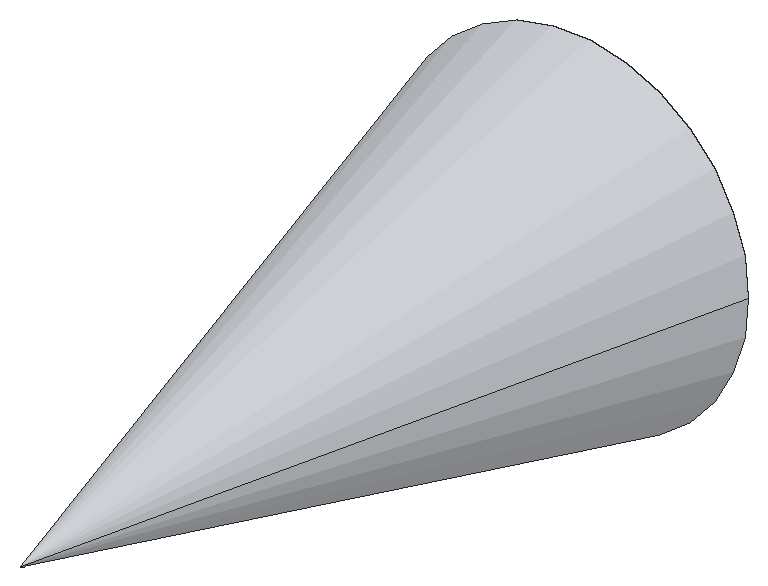
Revit family "Genelec_4430", category Generic Models, Revit 2025
Family settings
  Can host rebar = No
  Round Connector Dimension = Use Diameter
  Part Type = Normal
  Work Plane-Based = No
  Always vertical = No
  Cut with Voids When Loaded = No
  Maintain Annotation Orientation = No
  Shared = No
  Room Calculation Point = Yes
Parameters (values of type "4430 Vertical")
  Width = 189 mm
  Weight = 5.1
  Vertical = yes
  Uniclass 2.0 Description = "Sound Amplifiers"
  URL = "https://www.genelec.com/4430a"
  Type Image = <None>
  Type IFC Predefined Type = "SPEAKER"
  Type Comments = ""
  Tag = ""
  Price List Description = "Recycled-aluminium cabinet with tightly controlled directivity and minimum diffraction for excellent clarity and intelligibility. Both drivers have metal protection grilles, with 130 mm (5 in) LF and 19 mm (3/4 in) HF transducers. Integrated crossover and Class D amplifiers 50 W + 50 W. Max. SPL 104 dB, frequency response 45 Hz - 39 kHz (-6 dB). Control by Smart IP Manager software, including device discovery, room equalisation, system organisation and status monitoring. On-Off switch on the rear panel. Dimensions: H 285 x W 189 x D 178 mm, weight 5.1 kg."
  Power consumption Standby = "≤4 W (ISS Active)"
  Power consumption Idle = "≤5 W"
  Maximum long term RMS acoustic output in same conditions with IEC weighted noise (limited by driver unit protection circuit) = "≥ 96 dB SPL"
  Max. short term sine wave acoustic output  on axis in half space, averaged from 100Hz to 3 kHz = "≥ 104 dB SPL"
  Manufacturer Country = "Finland"
  Line Drawing = "https://assets.ctfassets.net/4zjnzn055a4v/2YUfGs8Fj6VJACKD96LNvJ/b31faef18b9a442da3f4a26f868afede/4430A_views_1_.pdf"
  IFC Classification = "Electric Appliance"
  Horizontal = no
  Self-generated Noise = "≤5 dB"
  Product Group = "4000 Series Installation Speakers"
  Product Family = "Installation Speaker"
  Power Consumption = 25.5 W
  Mounting Type = "Includes mount: 4000-410B/W"
  Model Name = "4430A"
  Model Description = "Smart IP Installation Speaker"
  Model = "4430"
  Manufacturer = "GENELEC"
  Mains Voltage = "PoE+/PoE"
  IFC Name = "4430A"
  Height = 285 mm
  Frequency Response = "45 Hz - 39 kHz (-6 dB)"
  Finish Type = "Die cast aluminium"
  Family Version = ""
  Export Type to IFC As = "IfcAudioVisualApplianceType"
  Driver Dimensions = "⌀ 130 mm Woofer + ⌀ 19 mm Tweeter"
  Dispersion Angle = "H 120° V 100°"
  Direction Arrow [instance] = yes
  Description = "The exeptional 4430A Smart IP Active PoE-Powered Installation Loudspeaker combines class-leading sound quality with single cable convenience, using PoE to produce uncompromised SPL and acoustic performance."
  Depth = 178 mm
  Default Elevation = 1200 mm
  Connections = "1 x RJ45 for PoE power, management and audio in AES67 / Dante format\r\n1 x Euroblock Analog Input"
  Color = RAL_9018_Papyrus White
  BIMobject category = "Audio Electronics"
  Acoustic Axis = "175"
  Accuracy of Frequency Response = "± 1.5 dB (58 Hz - 20 kHz)"
Types (2, lengths in mm): name | Vertical | Horizontal
  4430 Vertical | yes | no
  4430 Horizontal | no | yes
Reference planes
  plane 1 "Mitte (Vorne/hinten)": y = 0
  plane 2: z = 0
  plane 3 "Mitte (Links/rechts)": x = 0
Forms (mm)
  Revolve 1, solid, visible <- "Direction Arrow"
    sketch origin (0, 0, 0) x (1, 0, 0) y (0, 1, 0)
      loop
        line (0, -224.533) -> (3.027, -212.76) -> (0, -212.76) -> (0, -224.533)
      axis (0, -212.76) -> (0, -224.533)
    angle from 0 to 360
  Extrusion 2, solid, material "RAL_9018_Papyrus White" <- "Color", visible <- "Horizontal", detail levels coarse
    sketch origin (0, 0, 0) x (1, 0, 0) y (0, 0, 1)
      loop
        line (110, -94.5) -> (110, 94.5) -> (-179.414, 94.5) -> (-179.414, -94.5) -> (110, -94.5)
    from 0 to 178
  Extrusion 3, solid, material "RAL_9018_Papyrus White" <- "Color", visible <- "Horizontal", detail levels medium
    sketch origin (-13.228, 0, 0) x (1, 0, 0) y (0, 0, 1)
      loop
        arc (115.319, -69.891) -> (123.228, 0.898) -> (115.301, 71.685) r 320.374
        arc (115.301, 71.685) -> (110.006, 81.001) -> (100.435, 85.82) r 18.5
        arc (100.435, 85.82) -> (-19.272, 95.396) -> (-138.978, 85.82) r 752.961
        arc (-138.978, 85.82) -> (-148.55, 81.001) -> (-153.845, 71.685) r 18.5
        arc (-153.845, 71.685) -> (-161.772, 0.898) -> (-153.862, -69.891) r 320.366
        arc (-153.862, -69.891) -> (-148.552, -79.207) -> (-138.978, -84.027) r 18.5
        arc (-138.978, -84.027) -> (-19.272, -93.604) -> (100.435, -84.027) r 752.961
        arc (100.435, -84.027) -> (110.008, -79.207) -> (115.319, -69.891) r 18.5
    from 0 to 178
  Extrusion 4, solid, material "RAL_9018_Papyrus White" <- "Color", visible <- "Vertical", detail levels coarse
    sketch origin (0, 0, 0) x (0, 0, 1) y (-1, 0, 0)
      loop
        line (110, -94.5) -> (110, 94.5) -> (-179.414, 94.5) -> (-179.414, -94.5) -> (110, -94.5)
    from 0 to 178
  Extrusion 5, solid, material "RAL_9018_Papyrus White" <- "Color", visible <- "Vertical", detail levels medium
    sketch origin (0, 0, -13.228) x (0, 0, 1) y (-1, 0, 0)
      loop
        arc (115.319, -69.891) -> (123.228, 0.898) -> (115.301, 71.685) r 320.374
        arc (115.301, 71.685) -> (110.006, 81.001) -> (100.435, 85.82) r 18.5
        arc (100.435, 85.82) -> (-19.272, 95.396) -> (-138.978, 85.82) r 752.961
        arc (-138.978, 85.82) -> (-148.55, 81.001) -> (-153.845, 71.685) r 18.5
        arc (-153.845, 71.685) -> (-161.772, 0.898) -> (-153.862, -69.891) r 320.366
        arc (-153.862, -69.891) -> (-148.552, -79.207) -> (-138.978, -84.027) r 18.5
        arc (-138.978, -84.027) -> (-19.272, -93.604) -> (100.435, -84.027) r 752.961
        arc (100.435, -84.027) -> (110.008, -79.207) -> (115.319, -69.891) r 18.5
    from 0 to 178
Lines and regions (mm)
  model lines, visible <- "Direction Arrow"
    curve 1: line (0, -178, 0) -> (0, -224.533, 0)
Text (mm)
  text "Hinweis:\n\nÄndern Sie die Familienkategorie, um die passende Kategorie festzulegen.\nLöschen Sie diesen Hinweis und das Bild, bevor die Familie in das Projekt geladen wird!" at (204.632, 497.365, 0), in view "Referenzebene"
Dimensions and locks
  aligned and locked: level to plane 2
Nested families
  nested 1: "4430_Combined" at (0, -89.48, 0), visible <- "Vertical", type "4430_Combined", detail levels fine
  nested 2: "4430_Combined" at (0, -89.48, 0), visible <- "Vertical", type "4430_Combined", detail levels fine
  nested 3: "4430_Combined" at (0, -89.48, 0) x (0, 0, -1) z (1, 0, 0), visible <- "Horizontal", type "4430_Combined", detail levels fine
Definition of nested family "4430_Combined"
  Parameters (values of type "4430_Combined")
    URL = "https://www.genelec.com/4410a"
    Type Image = (empty or 0)
    Type IFC Predefined Type = ""
    Type Comments = ""
    Tag = ""
    Shell Material = none
    Model = "4410"
    Manufacturer = "GENELEC"
    Grille Material = none
    Family Version = ""
    Export Type to IFC As = ""
    Description = "When space is tight, the 4410A delivers the single cable networked convenience of Smart IP in a powerful, super-compact format."
    Default Elevation = 1219.2 mm
  Reference planes
    plane 1 "Mitte (Vorne/hinten)": y = 0
    plane 2: z = 0
    plane 3 "Mitte (Links/rechts)": x = 0
  Text (mm)
    text "Hinweis:\n\nÄndern Sie die Familienkategorie, um die passende Kategorie festzulegen.\nLöschen Sie diesen Hinweis und das Bild, bevor die Familie in das Projekt geladen wird!" at (357.802, 307.247, 0), in view "Referenzebene"
  Dimensions and locks
    aligned and locked: level to plane 2
  Nested families
    nested 1: "4430_Shell" at (0, 0, -32.5), type "4430_Shell"
    nested 2: "4430_Grille" at (0, 0, -32.5), type "4430_Grille"
    nested 3: "4430_ramaining_parts" at (0, 0, -32.5), type "4430_ramaining_parts"
  Definition of nested family "4430_Shell"
    Parameters (values of type "4430_Shell")
      URL = "https://www.genelec.com/4410a"
      Type Image = (empty or 0)
      Type IFC Predefined Type = ""
      Type Comments = ""
      Tag = ""
      Shell Material = none
      Model = "4410"
      Manufacturer = "GENELEC"
      Family Version = ""
      Export Type to IFC As = ""
      Description = "When space is tight, the 4410A delivers the single cable networked convenience of Smart IP in a powerful, super-compact format."
      Default Elevation = 1219.2 mm
    Reference planes
      plane 1 "Mitte (Vorne/hinten)": y = 0
      plane 2: z = 0
      plane 3 "Mitte (Links/rechts)": x = 0
    Text (mm)
      text "Hinweis:\n\nÄndern Sie die Familienkategorie, um die passende Kategorie festzulegen.\nLöschen Sie diesen Hinweis und das Bild, bevor die Familie in das Projekt geladen wird!" at (357.802, 307.247, 0), in view "Referenzebene"
    Dimensions and locks
      aligned and locked: level to plane 2
  Definition of nested family "4430_Grille"
    Parameters (values of type "4430_Grille")
      URL = "https://www.genelec.com/4410a"
      Type Image = (empty or 0)
      Type IFC Predefined Type = ""
      Type Comments = ""
      Tag = ""
      GrilleMaterial = none
      Model = "4410"
      Manufacturer = "GENELEC"
      Family Version = ""
      Export Type to IFC As = ""
      Description = "When space is tight, the 4410A delivers the single cable networked convenience of Smart IP in a powerful, super-compact format."
      Default Elevation = 0 mm
    Reference planes
      plane 1 "Mitte (Vorne/hinten)": y = 0
      plane 2: z = 0
      plane 3 "Mitte (Links/rechts)": x = 0
    Text (mm)
      text "Hinweis:\n\nÄndern Sie die Familienkategorie, um die passende Kategorie festzulegen.\nLöschen Sie diesen Hinweis und das Bild, bevor die Familie in das Projekt geladen wird!" at (357.802, 307.247, 0), in view "Referenzebene"
    Dimensions and locks
      aligned and locked: level to plane 2
  Definition of nested family "4430_ramaining_parts"
    Parameters (values of type "4430_ramaining_parts")
      URL = "https://www.genelec.com/4410a"
      Type Image = (empty or 0)
      Type IFC Predefined Type = ""
      Type Comments = ""
      Tag = ""
      Remains Material = none
      Model = "4410"
      Manufacturer = "GENELEC"
      Family Version = ""
      Export Type to IFC As = ""
      Description = "When space is tight, the 4410A delivers the single cable networked convenience of Smart IP in a powerful, super-compact format."
      Default Elevation = 0 mm
    Reference planes
      plane 1 "Mitte (Vorne/hinten)": y = 0
      plane 2: z = 0
      plane 3 "Mitte (Links/rechts)": x = 0
    Text (mm)
      text "Hinweis:\n\nÄndern Sie die Familienkategorie, um die passende Kategorie festzulegen.\nLöschen Sie diesen Hinweis und das Bild, bevor die Familie in das Projekt geladen wird!" at (357.802, 307.247, 0), in view "Referenzebene"
    Dimensions and locks
      aligned and locked: level to plane 2
